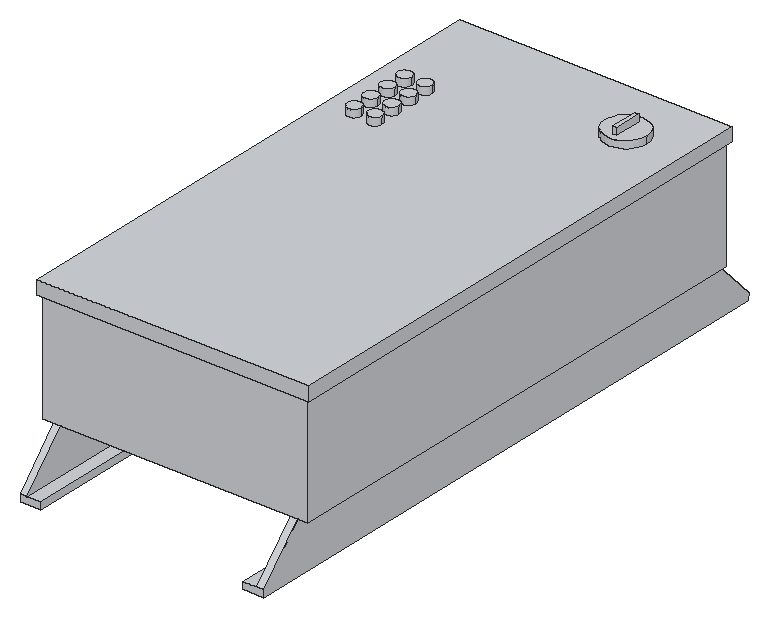
Revit family "c16b67bf4ec74749b17f9a9784014501", category Electrical Equipment, host Face, Revit 2021
Family settings
  Host = Face
  Panel Configuration = Two Columns, Circuits Across
  Round Connector Dimension = Use Diameter
  Part Type = Panelboard
  OmniClass Number = 23.80.10.17.37
  OmniClass Title = Variable Frequency Controllers
  Seek Item ID = Variable Frequency AC Drive-0000-USA-ENU
  Cut with Voids When Loaded = No
  Shared = No
  Room Calculation Point = No
Parameters (values of type "10-20 HP")
  built-in parameter 1140142 [instance] = -1
  Pushbotton Material = none
  Pilot Light Material = none
  Number of Poles = 3
  built-in parameter 1140140 [instance] = 1 (stored number, unit not read)
  Load Classification = Other
  Half Drive Length = 1 / 2 * Drive Length  # 0' - 9 3/4"
  built-in parameter 1155100 [instance] = -1
  Drive Width = 1' - 1 3/4"
  Drive Length = 1' - 7 1/2"
  Drive Height = 3' - 2"
  Drive Controller Voltage = 460 V
  Default Elevation = 4' - 0"
  Circuit Breaker Disconnect Material = none
  Cabinet Material = none
  Apparent Load C = 0 VA
  Apparent Load B = 0 VA
  Apparent Load A = 0 VA
Types (5): name | Half Drive Length | Drive Length | Drive Height
  (no name) | 0' - 9 3/4" | 1' - 7 1/2" | 3' - 2"
  1-7.5 HP | 0' - 7 1/8" | 1' - 2 1/4" | 2' - 8"
  10-20 HP | 0' - 9 3/4" | 1' - 7 1/2" | 3' - 2"
  25-50 HP | 0' - 10" | 1' - 8" | 3' - 10"
  60-100 HP | 1' - 0 1/2" | 2' - 1" | 5' - 0"
Reference planes (in)
  plane 1 "Center (Front/Back)": y = 0
  plane 2: z = 0
  plane 3 "Center (Left/Right)": x = 0
  plane 4: x = -9.75
  plane 5: x = 9.75
  plane 6: y = 2.75
  plane 7: y = 40.75
  plane 8: z = 13.75
  plane 9: z = 12.75
  plane 10: z = 11.75
  plane 11: y = 40.5
  plane 12: x = -9.5
  plane 13: x = 9.5
  plane 14: y = 3
  plane 15: z = 3.75
  plane 16: x = 8.75
  plane 17: x = 7.25
  plane 18: x = -8.75
  plane 19: x = -7.25
  plane 20: z = 0.5
  plane 21: x = 8.25
  plane 22: x = -8.25
  plane 23: x = -7.75
  plane 24: x = -6.25
  plane 25: y = 33.25
  plane 26: y = 28.75
  plane 27: y = 31.75
  plane 28: y = 30.25
  plane 29: z = 13.25
  plane 30: x = 5.75
  plane 31: y = 36.25
  plane 32: x = 5.625
  plane 33: x = 5.875
  plane 34: y = 37.25
  plane 35: y = 35.25
  plane 36: z = 5.75
  plane 37: y = 43.5
Forms (in)
  Extrusion 1, solid, material <- "Cabinet Material", detail levels fine
    sketch origin (0, 0, 0) x (1, 0, 0) y (0, 1, 0)
      loop
        line (-9.75, 40.75) -> (-9.75, 2.75) -> (9.75, 2.75) -> (9.75, 40.75) -> (-9.75, 40.75)
    from 11.75 to 12.75
  Extrusion 2, solid, material <- "Cabinet Material", detail levels fine
    sketch origin (0, 0, 0) x (1, 0, 0) y (0, 1, 0)
      loop
        line (-9.5, 40.5) -> (-9.5, 3) -> (9.5, 3) -> (9.5, 40.5) -> (-9.5, 40.5)
    from 3.75 to 11.75
  Extrusion 3, solid, material <- "Cabinet Material", detail levels fine
    sketch origin (0, 0, 0) x (1, 0, 0) y (0, 1, 0)
      loop
        line (-8.75, 43.5) -> (-8.75, 0) -> (-7.25, 0) -> (-7.25, 43.5) -> (-8.75, 43.5)
    from 0 to 0.5
  Extrusion 4, solid, material <- "Cabinet Material", detail levels fine
    sketch origin (0, 0, 0) x (1, 0, 0) y (0, 1, 0)
      loop
        line (7.25, 43.5) -> (7.25, 0) -> (8.75, 0) -> (8.75, 43.5) -> (7.25, 43.5)
    from 0 to 0.5
  Extrusion 5, solid, material <- "Cabinet Material", detail levels fine
    sketch origin (0, 0, 0) x (0, 1, 0) y (0, 0, 1)
      loop
        line (40.5, 3.75) -> (3, 3.75) -> (0, 0.5) -> (43.5, 0.5) -> (40.5, 3.75)
    from 8.25 to 8.75
  Extrusion 6, solid, material <- "Cabinet Material", detail levels fine
    sketch origin (0, 0, 0) x (0, 1, 0) y (0, 0, 1)
      loop
        line (40.5, 3.75) -> (3, 3.75) -> (0, 0.5) -> (43.5, 0.5) -> (40.5, 3.75)
    from -8.75 to -8.25
  Extrusion 7, solid, material <- "Pilot Light Material", detail levels fine
    sketch origin (0, 0, 0) x (1, 0, 0) y (0, 1, 0)
      loop
        circle (-7.75, 33.25) r 0.5
      loop
        circle (-7.75, 31.75) r 0.5
      loop
        circle (-7.75, 30.25) r 0.5
      loop
        circle (-7.75, 28.75) r 0.5
    from 12.75 to 13.25
  Extrusion 8, solid, material <- "Circuit Breaker Disconnect Material", detail levels fine
    sketch origin (0, 0, 0) x (1, 0, 0) y (0, 1, 0)
      loop
        circle (5.75, 36.25) r 1.5
    from 12.75 to 13.25
  Extrusion 9, solid, material <- "Circuit Breaker Disconnect Material", detail levels fine
    sketch origin (0, 0, 0) x (1, 0, 0) y (0, 1, 0)
      loop
        line (5.625, 37.25) -> (5.625, 35.25) -> (5.875, 35.25) -> (5.875, 37.25) -> (5.625, 37.25)
    from 13.25 to 13.75
  Extrusion 10, solid, material <- "Pushbotton Material", detail levels fine
    sketch origin (1.5, 0, 0) x (1, 0, 0) y (0, 1, 0)
      loop
        circle (-7.75, 33.25) r 0.5
      loop
        circle (-7.75, 31.75) r 0.5
      loop
        circle (-7.75, 30.25) r 0.5
      loop
        circle (-7.75, 28.75) r 0.5
    from 12.75 to 13.25
  Extrusion 11, solid, material <- "Cabinet Material", detail levels coarse+medium
    sketch origin (0, 0, 0) x (1, 0, 0) y (0, 0, 1)
      loop
        line (9.75, 12.75) -> (-9.75, 12.75) -> (-9.75, 0) -> (9.75, 0) -> (9.75, 12.75)
    from -40.75 to -2.75
  Extrusion 12, solid, material <- "Cabinet Material", detail levels fine
    sketch origin (0, 0, 0) x (1, 0, 0) y (0, 0, 1)
      loop
        circle (0, 5.75) r 0.59212
    from -40.5 to -39.76288
Cuts and joins
  joined: Extrusion 4, Extrusion 5
  joined: Extrusion 3, Extrusion 6
  joined: Extrusion 8, Extrusion 9
  joined: Extrusion 1, Extrusion 2, Extrusion 12
Dimensions and locks (in)
  locked: plane 6 to plane 1 "Center (Front/Back)" at 2.75
  "Drive Height": plane 6 to plane 7
  "Drive Width": plane 2 to plane 8
  locked: plane 9 to plane 8 at 1
  locked: plane 10 to plane 9 at 1
  locked: plane 11 to plane 7 at 0.25
  locked: plane 14 to plane 6 at 0.25
  locked: plane 13 to plane 5 at 0.25
  locked: plane 4 to plane 12 at 0.25
  locked: plane 2 to plane 15 at 3.75
  locked: plane 5 to plane 16 at 1
  locked: plane 17 to plane 16 at 1.5
  locked: plane 4 to plane 18 at 1
  locked: plane 18 to plane 19 at 1.5
  locked: plane 2 to plane 20 at 0.5
  locked: plane 21 to plane 16 at 0.5
  locked: plane 18 to plane 22 at 0.5
  locked: plane 4 to plane 23 at 2
  locked: plane 4 to plane 24 at 3.5
  locked: plane 25 to plane 7 at 7.5
  locked: plane 26 to plane 7 at 12
  locked: plane 25 to plane 27 at 1.5
  locked: plane 28 to plane 26 at 1.5
  locked: plane 9 to plane 29 at 0.5
  locked: plane 30 to plane 5 at 4
  locked: plane 7 to plane 31 at 4.5
  plane 32 to plane 30 to plane 33 = 0' - 0 1/8" locked, 0' - 0 1/8" locked
  plane 35 to plane 31 to plane 34 = 0' - 1" locked, 0' - 1" locked
  locked: plane 15 to plane 36 at 2
  locked: plane 37 to plane 7 at 2.75
  "Half Drive Length": plane 4 to plane 3 "Center (Left/Right)"
  "Half Drive Length": plane 3 "Center (Left/Right)" to plane 5
  radius of Extrusion 7 sketch curve = 0' - 0 1/2"  (x4)
  radius of Extrusion 8 sketch curve = 0' - 1 1/2"
  radius of Extrusion 10 sketch curve = 0' - 0 1/2"  (x4)
  radius of Extrusion 12 sketch curve = 0' - 0.59212"
  aligned and locked: plane 2 to host face
  aligned and locked: level to host face
  aligned and locked: plane 4 to Extrusion 1 sketch curve
  aligned and locked: plane 7 to Extrusion 1 sketch curve
  aligned and locked: plane 6 to Extrusion 1 sketch curve
  aligned and locked: Extrusion 1 sketch curve to plane 5
  aligned and locked: Extrusion 1 to plane 9
  aligned and locked: Extrusion 1 to plane 10
  aligned and locked: plane 12 to Extrusion 2 sketch curve
  aligned and locked: plane 11 to Extrusion 2 sketch curve
  aligned and locked: plane 14 to Extrusion 2 sketch curve
  aligned and locked: plane 13 to Extrusion 2 sketch curve
  aligned and locked: plane 10 to Extrusion 2
  aligned and locked: Extrusion 2 to plane 15
  aligned and locked: plane 18 to Extrusion 3 sketch curve
  aligned and locked: plane 1 "Center (Front/Back)" to Extrusion 3 sketch curve
  aligned and locked: plane 19 to Extrusion 3 sketch curve
  aligned and locked: plane 17 to Extrusion 4 sketch curve
  aligned and locked: plane 1 "Center (Front/Back)" to Extrusion 4 sketch curve
  aligned and locked: plane 16 to Extrusion 4 sketch curve
  aligned and locked: Extrusion 3 to plane 2
  aligned and locked: Extrusion 4 to plane 2
  aligned and locked: plane 20 to Extrusion 4
  aligned and locked: plane 20 to Extrusion 3
  aligned and locked: Extrusion 5 sketch curve to plane 15
  aligned and locked: plane 11 to Extrusion 5 sketch curve
  aligned and locked: plane 14 to Extrusion 5 sketch curve
  aligned and locked: Extrusion 5 sketch curve to Extrusion 4
  aligned and locked: Extrusion 5 to plane 16
  aligned and locked: plane 21 to Extrusion 5
  aligned and locked: Extrusion 6 sketch curve to Extrusion 5
  aligned and locked: Extrusion 2 to Extrusion 6 sketch curve
  aligned and locked: plane 14 to Extrusion 6 sketch curve
  aligned and locked: Extrusion 6 sketch curve to Extrusion 3
  aligned and locked: plane 1 "Center (Front/Back)" to Extrusion 6 sketch curve
  aligned and locked: plane 1 "Center (Front/Back)" to Extrusion 5 sketch curve
  aligned and locked: plane 18 to Extrusion 6
  aligned and locked: Extrusion 6 to plane 22
  aligned and locked: plane 23 to Extrusion 7 sketch curve  (x4)
  aligned and locked: plane 25 to Extrusion 7 sketch curve
  aligned and locked: plane 27 to Extrusion 7 sketch curve
  aligned and locked: plane 28 to Extrusion 7 sketch curve
  aligned and locked: plane 26 to Extrusion 7 sketch curve
  aligned and locked: plane 29 to Extrusion 7
  aligned and locked: plane 9 to Extrusion 7
  aligned and locked: plane 31 to Extrusion 8 sketch curve
  aligned and locked: plane 30 to Extrusion 8 sketch curve
  aligned and locked: plane 32 to Extrusion 9 sketch curve
  aligned and locked: plane 34 to Extrusion 9 sketch curve
  aligned and locked: plane 35 to Extrusion 9 sketch curve
  aligned and locked: Extrusion 9 sketch curve to plane 33
  aligned and locked: plane 29 to Extrusion 8
  aligned and locked: plane 9 to Extrusion 8
  aligned and locked: Extrusion 9 to plane 8
  aligned and locked: Extrusion 9 to plane 29
  aligned and locked: plane 25 to Extrusion 10 sketch curve
  aligned and locked: plane 24 to Extrusion 10 sketch curve  (x4)
  aligned and locked: plane 27 to Extrusion 10 sketch curve
  aligned and locked: plane 28 to Extrusion 10 sketch curve
  aligned and locked: plane 26 to Extrusion 10 sketch curve
  aligned and locked: plane 37 to cut or joined group of Extrusion 3, Extrusion 6
  aligned and locked: plane 37 to cut or joined group of Extrusion 4, Extrusion 5
  aligned and locked: plane 37 to Extrusion 6 sketch curve
  aligned and locked: plane 37 to Extrusion 5 sketch curve
  aligned and locked: plane 5 to Extrusion 11 sketch curve
  aligned and locked: level to Extrusion 11 sketch curve
  aligned and locked: Extrusion 11 sketch curve to plane 4
  aligned and locked: Extrusion 11 to plane 7
  aligned and locked: Extrusion 11 to plane 6
  aligned and locked: Extrusion 11 sketch curve to plane 9
  aligned and locked: plane 36 to Extrusion 12 sketch curve
  aligned and locked: plane 3 "Center (Left/Right)" to Extrusion 12 sketch curve
  aligned and locked: Extrusion 12 to plane 11
Automatic sketch dimensions
  Extrusion 9 sketch curve to plane 33 = 0' - 0"
  Extrusion 3 sketch curve to plane 34 = 0' - 6 1/4"
  Extrusion 4 sketch curve to plane 34 = 0' - 6 1/4"
  host sketch curve to host sketch curve = 8' - 0"  (x2)
Connectors (in)
  electrical at (0, 40.5, 5.75), driven by "Number of Poles", driven by "Apparent Load C", driven by "Apparent Load B", driven by "Apparent Load A", driven by "Drive Controller Voltage", driven by "Load Classification"
    settings: on Extrusion 12, index 1, voltage 460 V, apparent load 0 VA, apparent load phase1 0 VA, apparent load phase2 0 VA, apparent load phase3 0 VA, power factor 1, load classification "Other", number of poles 3, system type 31, power factor state 1, is connector primary yes, connector utility no, sub classification motor no, connector description ""
  cabletrayconduit at (0, 40.5, 7.75), diameter 24
    settings: on cut or joined group of Extrusion 1, Extrusion 2, Extrusion 12, index 2, connector width 1' - 0", connector height 1' - 0", connector angle 0.00°, system type 32, placement type 1, profile type 0, connector reference index -1, is primary connector yes, connector utility param no, connector description ""
  cabletrayconduit at (-9.5, 21.75, 7.75), diameter 24
    settings: on cut or joined group of Extrusion 1, Extrusion 2, Extrusion 12, index 3, connector width 1' - 0", connector height 1' - 0", connector angle 0.00°, system type 32, placement type 1, profile type 0, connector reference index -1, is primary connector no, connector utility param no, connector description ""
  cabletrayconduit at (9.5, 21.75, 7.75), diameter 24
    settings: on cut or joined group of Extrusion 1, Extrusion 2, Extrusion 12, index 4, connector width 1' - 0", connector height 1' - 0", connector angle 0.00°, system type 32, placement type 1, profile type 0, connector reference index -1, is primary connector no, connector utility param no, connector description ""
  cabletrayconduit at (0, 21.75, 3.75), diameter 24
    settings: on cut or joined group of Extrusion 1, Extrusion 2, Extrusion 12, index 5, connector width 1' - 0", connector height 1' - 0", connector angle 0.00°, system type 32, placement type 1, profile type 0, connector reference index -1, is primary connector no, connector utility param no, connector description ""
  cabletrayconduit at (0, 3, 7.75), diameter 24
    settings: on cut or joined group of Extrusion 1, Extrusion 2, Extrusion 12, index 6, connector width 1' - 0", connector height 1' - 0", connector angle 0.00°, system type 32, placement type 1, profile type 0, connector reference index -1, is primary connector no, connector utility param no, connector description ""
